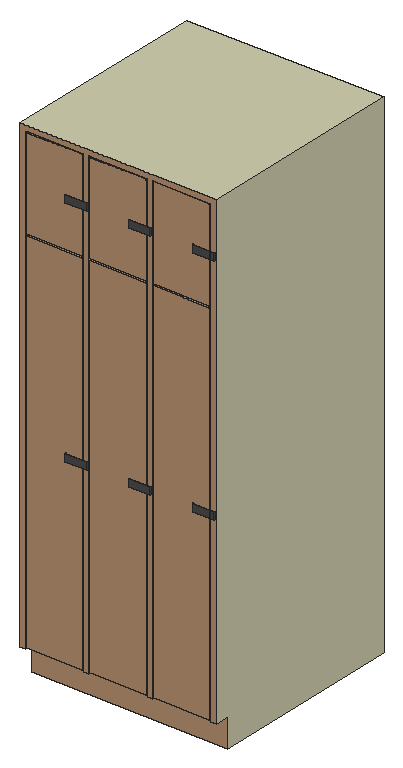
Revit family "Cabinet_Wenger_UltraStor_29", category Furniture, Revit 2015
Parameters (values of type "UltraStor Cabinet #29 - Comp Wood Doors")
  URL = "https://www.wengercorp.com/"
  Type Comments = ""
  Specification = "http://www.arcat.com/sdspecs/htm04/12_35_83wen.htm"
  Shelf Thickness = 0' - 1 1/8"
  Sales Information = "https://www.wengercorp.com/contact-us.php"
  Revision = "R1_2018-04"
  Rear Panel Thickness = 0' - 0 3/4"
  Product Data = "http://www.arcat.com/arcatcos/cos36/arc36487.html"
  Manufacturer Website = "https://www.wengercorp.com/"
  Manufacturer Phone - Toll Free = "800-4WENGER"
  Manufacturer Phone = "(507) 455-4100"
  Manufacturer Fax = "(507) 455-4258"
  Manufacturer Address = "555 Park Dr., Owatonna, MN 55060"
  Lower Door Style = Door_FullHt : Solid Door
  Keynote = "12 35 83"
  HasDoors = yes
  Green Building-LEED = "http://www.arcat.com/green/clients/leed_data_36487.html"
  Drawn By = "Sumex Design, Inc. / Robert S. Weygant, CSI, CDT, SCIP"
  Door Width = (Cabinet Width - 0' 3") / 3  # 0' - 8.16667"
  Door Style = Door_Base : Solid Door
  Door Material [instance] = Wenger Cherry (Use Cherry Edge Band Only)
  Door Height = (Cabinet Height - 0' 4 3/4") / 5  # 1' - 1"
  Toe Kick Material [instance] = Wenger Cherry (Use Cherry Edge Band Only)
  RH End Panel [instance] = no
  Model = "#29"
  Manufacturer = "Wenger Corporation"
  LH End Panel [instance] = no
  End Panel Material [instance] = Wenger Cherry (Use Cherry Edge Band Only)
  Edge Banding Material [instance] = Wenger Cherry (Use Cherry Edge Band Only)
  Cost = 0
  Copyright = "© 2018 Arcat Inc."
  Construction Details = "http://www.arcat.com/details/wengerco/wengerco.html?coid=36487"
  Body Material [instance] = Wenger - Oyster
  Description = "Wenger UltraStor Cabinet #29 - Comp Wood Doors"
  Cabinet Width = 2' - 3 1/2"
  Cabinet Height = 5' - 9 3/4"
  Installed Depth = 2' - 5 1/4"
  Cabinet Panel Thickness = 0' - 0 3/4"
  Assembly Code = "E2010200"
Types (7): name | Rear Panel Thickness | Lower Door Style | HasDoors | Door Style | Door Material | Model | Description | Installed Depth
  Acoustic Cabinet #29 - No Doors | 0' - 3 1/4" | Door_FullHt : Solid Door | no | Door_Base : Solid Door | none | "#29A" | "Wenger Acoustic Cabinet #29 - No Doors" | 2' - 7 3/4"
  Acoustic Cabinet #29 - Comp Grille Doors | 0' - 3 1/4" | Door_FullHt : Bars | yes | Door_Base : Bars | Painted Black | "#29A" | "Wenger Acoustic Cabinet #29 - Comp Grille Doors" | 2' - 7 3/4"
  Acoustic Cabinet #29 - Comp Waterfall Grille Doors | 0' - 3 1/4" | Door_FullHt : Waterfall | yes | Door_Base : Waterfall | Painted Black | "#29A" | "Wenger Acoustic Cabinet #29 - Comp Waterfall Grille Doors" | 2' - 7 3/4"
  UltraStor Cabinet #29 - Comp Grille Doors | 0' - 0 3/4" | Door_FullHt : Bars | yes | Door_Base : Bars | Painted Black | "#29" | "Wenger UltraStor Cabinet #29 - Comp Grille Doors" | 2' - 5 1/4"
  UltraStor Cabinet #29 - Comp Wood Doors | 0' - 0 3/4" | Door_FullHt : Solid Door | yes | Door_Base : Solid Door | Wenger Cherry (Use Cherry Edge Band Only) | "#29" | "Wenger UltraStor Cabinet #29 - Comp Wood Doors" | 2' - 5 1/4"
  UltraStor Cabinet #29 - No Doors | 0' - 0 3/4" | Door_FullHt : Solid Door | no | Door_Base : Solid Door | none | "#29" | "Wenger UltraStor Cabinet #29 - No Doors" | 2' - 5 1/4"
  UltraStor Cabinet #29 - Comp Waterfall Grille Doors | 0' - 0 3/4" | Door_FullHt : Waterfall | yes | Door_Base : Waterfall | Painted Black | "#29" | "Wenger UltraStor Cabinet #29 - Comp Waterfall Grille Doors" | 2' - 5 1/4"
Reference planes (in)
  plane 1 "Front": y = 0
  plane 2: z = 0
  plane 3 "Left": x = 0
  plane 4 "Right": x = 27.5
  plane 5 "Back": y = 29.25
  plane 6 "Top": z = 69.75
  plane 7: z = 4
  plane 8: z = 17
  plane 9: z = 30
  plane 10: z = 43
  plane 11: z = 56
  plane 12: x = 0.75
  plane 13: x = 26.75
  plane 14: z = 69
  plane 15: x = 8.91667
  plane 16: x = 9.66667
  plane 17: x = 17.83333
  plane 18: x = 18.58333
  plane 19: y = 28.5
  plane 20: y = 2
  plane 21: y = 0.75
  plane 22: z = 18.125
  plane 23: z = 31.125
  plane 24: z = 44.125
  plane 25: z = 57.125
  plane 26: z = 5.125
Forms (in)
  Extrusion 1, solid, material "Wenger - Oyster" <- "Body Material"
    sketch origin (0, 0, 0) x (0, 1, 0) y (0, 0, 1)
      loop
        line (0, 69.75) -> (0, 4) -> (2, 4) -> (2, 0) -> (29.25, 0) -> (29.25, 69.75) -> (0, 69.75)
    from 0 to 27.5
  Extrusion 2, void
    sketch origin (0, 0, 0) x (0, 1, 0) y (0, 0, 1)
      loop
        line (0, 69) -> (0, 4) -> (0.75, 4)
        arc (0.75, 4) -> (1.15915, 4.80234) -> (2, 5.125) r 1.25694
        line (2, 5.125) -> (28.5, 5.125) -> (28.5, 56) -> (0.75, 56)
        arc (0.75, 56) -> (1.18296, 56.77588) -> (2, 57.125) r 1.375
        line (2, 57.125) -> (28.5, 57.125) -> (28.5, 69) -> (0, 69)
    from 0.75 to 8.91667
  Extrusion 3, void
    sketch origin (0, 0, 0) x (0, 1, 0) y (0, 0, 1)
      loop
        line (0, 69) -> (0, 4) -> (0.75, 4)
        arc (0.75, 4) -> (1.15915, 4.80234) -> (2, 5.125) r 1.25694
        line (2, 5.125) -> (28.5, 5.125) -> (28.5, 56) -> (0.75, 56)
        arc (0.75, 56) -> (1.18296, 56.77588) -> (2, 57.125) r 1.375
        line (2, 57.125) -> (28.5, 57.125) -> (28.5, 69) -> (0, 69)
    from 9.66667 to 17.83333
  Extrusion 4, void
    sketch origin (0, 0, 0) x (0, 1, 0) y (0, 0, 1)
      loop
        line (0, 69) -> (0, 4) -> (0.75, 4)
        arc (0.75, 4) -> (1.15915, 4.80234) -> (2, 5.125) r 1.25694
        line (2, 5.125) -> (28.5, 5.125) -> (28.5, 56) -> (0.75, 56)
        arc (0.75, 56) -> (1.18296, 56.77588) -> (2, 57.125) r 1.375
        line (2, 57.125) -> (28.5, 57.125) -> (28.5, 69) -> (0, 69)
    from 18.58333 to 26.75
Cuts and joins
  Extrusion 2, Extrusion 3, Extrusion 4 cuts Extrusion 1
Lines and regions (in)
  Masking region 1
    outline origin (0, 0, 0) x (1, 0, 0) y (0, 1, 0)
      loop
        line (0, 29.25) -> (0, 0) -> (27.5, 0) -> (27.5, 29.25) -> (0, 29.25)
Dimensions and locks (in)
  "Cabinet Panel Thickness": plane 3 "Left" to plane 12
  "Cabinet Panel Thickness": plane 13 to plane 4 "Right"
  "Cabinet Panel Thickness": plane 5 "Back" to plane 19
  locked: plane 1 "Front" to plane 21 at 0.75
  locked: plane 1 "Front" to plane 20 at 2
  "Shelf Thickness": plane 22 to plane 8
  "Shelf Thickness": plane 23 to plane 9
  "Shelf Thickness": plane 24 to plane 10
  "Shelf Thickness": plane 25 to plane 11
  "Cabinet Panel Thickness": plane 6 "Top" to plane 14
  equal spacing: plane 14, plane 11, plane 10, plane 9, plane 8, plane 7
  "Shelf Thickness": plane 26 to plane 7
  "Cabinet Width": plane 3 "Left" to plane 4 "Right"
  locked: plane 7 to level at 4
  "Cabinet Height": plane 6 "Top" to level
  "Installed Depth": plane 1 "Front" to plane 5 "Back"
  "Door Width": plane 15 to plane 12
  "Door Width": plane 17 to plane 16
  "Door Width": plane 13 to plane 18
  plane 3 "Left" to plane 4 "Right" = 2' - 3 1/2"
  locked: plane 18 to plane 17 at 0.75
  equal spacing: plane 16, nested 2, plane 17
  equal spacing: plane 5 "Back", nested 2, plane 1 "Front"
  aligned and locked: Extrusion 1 sketch curve to plane 6 "Top"
  aligned and locked: Extrusion 1 sketch curve to plane 5 "Back"
  aligned and locked: Extrusion 1 sketch curve to plane 1 "Front"
  aligned and locked: Extrusion 1 sketch curve to plane 7
  aligned and locked: Extrusion 1 sketch curve to plane 20
  aligned and locked: Extrusion 1 sketch curve to level
  aligned and locked: Extrusion 1 to plane 4 "Right"
  aligned and locked: Extrusion 1 to plane 3 "Left"
  aligned and locked: Extrusion 2 sketch curve to plane 14
  aligned and locked: Extrusion 2 sketch curve to plane 19
  aligned and locked: Extrusion 2 sketch curve to plane 25
  aligned and locked: Extrusion 2 to plane 12
  aligned and locked: plane 15 to Extrusion 2
  aligned and locked: plane 17 to Extrusion 3
  aligned and locked: Extrusion 3 to plane 16
  aligned and locked: Extrusion 4 to plane 13
  aligned and locked: Extrusion 4 to plane 18
  aligned and locked: nested 3 to plane 12
  aligned and locked: plane 15 to nested 3
  aligned and locked: nested 3 to plane 11
  aligned and locked: plane 14 to nested 3
  aligned and locked: plane 14 to nested 4
  aligned and locked: nested 4 to plane 11
  aligned and locked: nested 4 to plane 16
  aligned and locked: plane 17 to nested 4
  aligned and locked: cut or joined group of Extrusion 1, Extrusion 2, Extrusion 3, Extrusion 4 to plane 18
  aligned and locked: cut or joined group of Extrusion 1, Extrusion 2, Extrusion 3, Extrusion 4 to plane 13
  aligned and locked: plane 14 to nested 5
  aligned and locked: nested 5 to plane 11
  aligned and locked: nested 5 to plane 13
  aligned and locked: nested 5 to plane 18
  aligned and locked: plane 17 to cut or joined group of Extrusion 1, Extrusion 2, Extrusion 3, Extrusion 4
  aligned and locked: plane 7 to cut or joined group of Extrusion 1, Extrusion 2, Extrusion 3, Extrusion 4
  aligned and locked: nested 6 to plane 7
  aligned and locked: plane 1 "Front" to nested 7
  aligned and locked: nested 7 to level
  aligned and locked: nested 7 to plane 4 "Right"
  aligned and locked: Masking region 1 sketch curve to plane 5 "Back"
  aligned and locked: Masking region 1 sketch curve to plane 1 "Front"
  aligned and locked: plane 3 "Left" to Masking region 1 sketch curve
  aligned and locked: plane 4 "Right" to Masking region 1 sketch curve
  aligned and locked: plane 11 to nested 6
  aligned and locked: nested 6 to plane 12
  aligned and locked: Extrusion 2 sketch curve to plane 7
  aligned and locked: plane 21 to Extrusion 2 sketch curve
  aligned and locked: plane 20 to Extrusion 2 sketch curve
  aligned and locked: Extrusion 2 sketch curve to plane 26
  aligned and locked: plane 19 to Extrusion 2 sketch curve
  aligned and locked: plane 11 to Extrusion 2 sketch curve
  aligned and locked: plane 1 "Front" to Extrusion 2 sketch curve
  aligned and locked: Extrusion 3 sketch curve to plane 7
  aligned and locked: Extrusion 3 sketch curve to plane 26
  aligned and locked: plane 20 to Extrusion 3 sketch curve  (x2)
  aligned and locked: plane 19 to Extrusion 3 sketch curve  (x2)
  aligned and locked: plane 1 "Front" to Extrusion 3 sketch curve
  aligned and locked: plane 11 to Extrusion 3 sketch curve
  aligned and locked: plane 25 to Extrusion 3 sketch curve
  aligned and locked: plane 14 to Extrusion 3 sketch curve
  aligned and locked: plane 21 to Extrusion 3 sketch curve  (x2)
  aligned and locked: plane 1 "Front" to Extrusion 4 sketch curve
  aligned and locked: plane 25 to Extrusion 4 sketch curve
  aligned and locked: plane 19 to Extrusion 4 sketch curve  (x2)
  aligned and locked: plane 14 to Extrusion 4 sketch curve
  aligned and locked: Extrusion 4 sketch curve to plane 26
  aligned and locked: Extrusion 4 sketch curve to plane 7
  aligned and locked: plane 15 to nested 6
  aligned and locked: nested 8 to plane 7
  aligned and locked: nested 9 to plane 7
  aligned and locked: nested 8 to plane 16
  aligned and locked: plane 17 to nested 8
  aligned and locked: nested 9 to plane 18
  aligned and locked: nested 9 to plane 13
  aligned and locked: plane 11 to nested 9
  aligned and locked: plane 11 to nested 8
Automatic sketch dimensions
  Extrusion 2 sketch curve to plane 21 = 0' - 0"
  Extrusion 2 sketch curve to plane 20 = 0' - 0"
  Extrusion 2 sketch curve to plane 20 = 0' - 0.10279"
  Extrusion 3 sketch curve to plane 20 = 0' - 0.10279"
  Extrusion 4 sketch curve to plane 21 = 0' - 0"  (x2)
  Extrusion 4 sketch curve to plane 11 = 0' - 0"
  Extrusion 4 sketch curve to plane 20 = 0' - 0"  (x2)
  Extrusion 4 sketch curve to plane 20 = 0' - 0.10279"
Nested families (in)
  nested 1: "End Panel" at (0, 14.25, 0) x (0, -1, 0) z (0, 0, 1), End Panel Material <- "End Panel Material", visible <- "LH End Panel", Edge Banding Material <- "Edge Banding Material", type "End Panel"
    with End Panel Material Wenger Cherry (Use Cherry Edge Band Only), Edge Banding Material Wenger Cherry (Use Cherry Edge Band Only), End Panel Height 5' - 9 3/4", End Panel Depth 2' - 5 1/4"
  nested 2: "Labels" at (13.75, 14.625, 0), type "Labels"
  nested 3: "Door_Base" at (4.83333, 0, 56) x (1, 0, 0) z (0, -1, 0), type <- "Door Style", Height <- "Door Height", Width <- "Door Width", visible <- "HasDoors", type "Solid Door", detail levels medium+fine
    with vBars 6, Width 0' - 8.16667", ToeKick Height 0' - 4", MidBar no, Height 1' - 1", BarHt 1' - 0 1/2", 2HzBars no
  nested 4: "Door_Base" at (13.75, 0, 56) x (1, 0, 0) z (0, -1, 0), type <- "Door Style", Height <- "Door Height", Width <- "Door Width", visible <- "HasDoors", type "Solid Door", detail levels medium+fine
    with vBars 6, Width 0' - 8.16667", ToeKick Height 0' - 4", MidBar no, Height 1' - 1", BarHt 1' - 0 1/2", 2HzBars no
  nested 5: "Door_Base" at (22.66667, 0, 56) x (1, 0, 0) z (0, -1, 0), type <- "Door Style", Height <- "Door Height", Width <- "Door Width", visible <- "HasDoors", type "Solid Door", detail levels medium+fine
    with vBars 6, Width 0' - 8.16667", ToeKick Height 0' - 4", MidBar no, Height 1' - 1", BarHt 1' - 0 1/2", 2HzBars no
  nested 6: "Door_FullHt" at (4.83333, 0, 4) x (1, 0, 0) z (0, -1, 0), type <- "Lower Door Style", visible <- "HasDoors", type "Solid Door", detail levels medium+fine
    with vBars 6, Width 0' - 8.16667", ToeKick Height 0' - 4", MidBar no, Height 4' - 4", HalfHt 2' - 1 3/4", BarHt 4' - 3 1/2", 2HzBars no
  nested 7: "End Panel" at (28.25, 14.25, 0) x (0, -1, 0) z (0, 0, 1), End Panel Material <- "End Panel Material", Edge Banding Material <- "Edge Banding Material", visible <- "RH End Panel", type "End Panel"
    with End Panel Material Wenger Cherry (Use Cherry Edge Band Only), Edge Banding Material Wenger Cherry (Use Cherry Edge Band Only), End Panel Height 5' - 9 3/4", End Panel Depth 2' - 5 1/4"
  nested 8: "Door_FullHt" at (13.75, 0, 4) x (1, 0, 0) z (0, -1, 0), type <- "Lower Door Style", visible <- "HasDoors", type "Solid Door", detail levels medium+fine
    with vBars 6, Width 0' - 8.16667", ToeKick Height 0' - 4", MidBar no, Height 4' - 4", HalfHt 2' - 1 3/4", BarHt 4' - 3 1/2", 2HzBars no
  nested 9: "Door_FullHt" at (22.66667, 0, 4) x (1, 0, 0) z (0, -1, 0), type <- "Lower Door Style", visible <- "HasDoors", type "Solid Door", detail levels medium+fine
    with vBars 6, Width 0' - 8.16667", ToeKick Height 0' - 4", MidBar no, Height 4' - 4", HalfHt 2' - 1 3/4", BarHt 4' - 3 1/2", 2HzBars no
Definition of nested family "End Panel"
  Parameters (values of type "End Panel")
    End Panel Material [instance] = none
    End Panel Height = 7' - 1 5/8"
    End Panel Depth = 1' - 9 3/4"
    Edge Banding Material [instance] = none
    Default Elevation = 4' - 0"
    Assembly Code = ""
  Reference planes (in)
    plane 1 "Center (Front/Back)": y = 0
    plane 2: z = 0
    plane 3 "Center (Left/Right)": x = 0
    plane 4: x = -15
    plane 5: x = 6.75
    plane 6: z = 4
    plane 7: x = 4.75
    plane 8: z = 85.625
    plane 9: y = -0.75
  Forms (in)
    Extrusion 1, solid, material <- "End Panel Material"
      sketch origin (0, 0, 0) x (1, 0, 0) y (0, 0, 1)
        loop
          line (-15, 85.625) -> (-15, 0) -> (4.75, 0) -> (4.75, 4) -> (6.75, 4) -> (6.75, 85.625) -> (-15, 85.625)
      from 0 to 0.75
  Lines and regions (in)
    Masking region 1, detail levels coarse+medium
      outline origin (0, 0, 0) x (1, 0, 0) y (0, 1, 0)
        loop
          line (-15, 0) -> (-15, -0.75) -> (6.75, -0.75) -> (6.75, 0) -> (-15, 0)
  Dimensions and locks (in)
    locked: plane 7 to plane 5 at 2
    locked: plane 6 to level at 4
    "End Panel Height": plane 8 to level
    "End Panel Depth": plane 5 to plane 4
    locked: plane 9 to plane 1 "Center (Front/Back)" at 0.75
    aligned and locked: plane 4 to Extrusion 1 sketch curve
    aligned and locked: level to Extrusion 1 sketch curve
    aligned and locked: plane 7 to Extrusion 1 sketch curve
    aligned and locked: plane 6 to Extrusion 1 sketch curve
    aligned and locked: Extrusion 1 sketch curve to plane 5
    aligned and locked: Extrusion 1 sketch curve to plane 8
    aligned and locked: Extrusion 1 to plane 9
    aligned and locked: Extrusion 1 to plane 1 "Center (Front/Back)"
    aligned and locked: plane 4 to Masking region 1 sketch curve
    aligned and locked: Masking region 1 sketch curve to plane 5
    aligned and locked: plane 1 "Center (Front/Back)" to Masking region 1 sketch curve
    aligned and locked: plane 9 to Masking region 1 sketch curve
Definition of nested family "Door_Base"
  Parameters (values of type "None")
    vBars [instance] = (Width - 0' 2") / 0' 1"  # 6
    Width [instance] = 0' - 8"
    ToeKick Height [instance] = 0' - 4"
    Thickness = 0' - 0 3/4"
    Solid Door = no
    Shelf Thickness = 0' - 0 3/4"
    Panel Thickness = 0' - 0 3/4"
    MidBar [instance] = and(Height < 1' 6", HasDoor, not(Solid Door))  # no
    Height [instance] = 1' - 2 5/8"
    HasDoor = no
    Edge Banding = none
    DoorGap = 0' - 0 1/8"
    Door Finish = none
    Depth = 2' - 0"
    Default Elevation = 4' - 0"
    Bars = no
    BarStyle = Bars : Waterfall
    BarHt [instance] = Height - 0' 0 1/2"  # 1' - 2 1/8"
    2HzBars [instance] = and(Height > 1' 6", not(Solid Door))  # no
  Types (4): name | Thickness | Solid Door | MidBar | HasDoor | Bars | BarStyle
    Solid Door | 0' - 0 3/4" | yes | no | yes | no | Bars : Waterfall
    Bars | 0' - 0 1/4" | no | yes | yes | yes | Bars : Straight
    Waterfall | 0' - 0 3/4" | no | yes | yes | yes | Bars : Waterfall
    None | 0' - 0 3/4" | no | no | no | no | Bars : Waterfall
  Reference planes (in)
    plane 1 "Center (Front/Back)": y = 0
    plane 2: z = 0
    plane 3 "Center (Left/Right)": x = 0
    plane 4: x = -4
    plane 5: y = 14.625
    plane 6: x = 4
    plane 7: z = -0.75
    plane 8: x = -3.875
    plane 9: x = 3.875
    plane 10: y = 0.125
    plane 11: y = 14.5
    plane 12: y = -0.75
    plane 13 "CL Elev": y = 7.3125
    plane 14: x = -3.75
    plane 15: x = 3.75
    plane 16 "BtmRail": y = 0.25
    plane 17: y = 14.375
    plane 18: z = -0.125
    plane 19: x = -2.75
    plane 20: x = 2.75
    plane 21: y = 9.66667
    plane 22: y = 4.95833
  Forms (in)
    Extrusion 1, solid, material <- "Door Finish", visible <- "Solid Door", detail levels medium+fine
      sketch origin (0, 0, 0) x (1, 0, 0) y (0, 1, 0)
        loop
          arc (-3.75, 14.5) -> (-3.83839, 14.46339) -> (-3.875, 14.375) r 0.125
          line (-3.875, 14.375) -> (-3.875, 0.25)
          arc (-3.875, 0.25) -> (-3.83839, 0.16161) -> (-3.75, 0.125) r 0.125
          line (-3.75, 0.125) -> (3.75, 0.125)
          arc (3.75, 0.125) -> (3.83839, 0.16161) -> (3.875, 0.25) r 0.125
          line (3.875, 0.25) -> (3.875, 14.375)
          arc (3.875, 14.375) -> (3.83839, 14.46339) -> (3.75, 14.5) r 0.125
          line (3.75, 14.5) -> (-3.75, 14.5)
      from 0 to -0.75
    Sweep 2, solid, material <- "Door Finish", visible <- "Bars", detail levels medium+fine
      path origin (0, 0, 0) x (1, 0, 0) y (0, 1, 0)
        loop
          arc (-3.125, 14.5) -> (-3.65533, 14.28033) -> (-3.875, 13.75) r 0.75
          line (-3.875, 13.75) -> (-3.875, 0.875)
          arc (-3.875, 0.875) -> (-3.65533, 0.34467) -> (-3.125, 0.125) r 0.75
          line (-3.125, 0.125) -> (3.125, 0.125)
          arc (3.125, 0.125) -> (3.65533, 0.34467) -> (3.875, 0.875) r 0.75
          line (3.875, 0.875) -> (3.875, 13.75)
          arc (3.875, 13.75) -> (3.65533, 14.28033) -> (3.125, 14.5) r 0.75
          line (3.125, 14.5) -> (-3.125, 14.5)
      profile origin (0, 14.5, 0) x (0, 1, 0) y (0, 0, 1)
        loop
          circle (-0.125, -0.125) r 0.125
    Extrusion 3, solid, material <- "Door Finish", visible <- "MidBar", detail levels medium+fine
      sketch origin (0, 0, 0) x (0, 1, 0) y (0, 0, 1)
        loop
          circle (7.3125, -0.125) r 0.125
      from -3.75 to 3.75
    Extrusion 4, solid, visible <- "HasDoor", detail levels fine
      sketch origin (0, 0, 0) x (1, 0, 0) y (0, 1, 0)
        loop
          line (1.5, 7.8125) -> (1.5, 6.8125) -> (4.5, 6.8125) -> (4.5, 7.8125) -> (1.5, 7.8125)
      from 0 to 0.125
    Extrusion 5, solid, material <- "Door Finish", visible <- "2HzBars", detail levels medium+fine
      sketch origin (0, 0, 0) x (0, 1, 0) y (0, 0, 1)
        loop
          circle (9.66667, -0.125) r 0.125
        loop
          circle (4.95833, -0.125) r 0.125
      from -3.75 to 3.75
  Lines and regions (in)
    symbolic lines, visible <- "HasDoor", detail levels medium+fine
      curve 1: line (4, 0.25, 0) -> (-4, 0.25, 0)
      curve 2: line (-4, 0.25, 0) -> (-4, 0.25, 8)
      curve 3: arc (4, 0.25, 0) -> (1.65685, 0.25, 5.65685) -> (-4, 0.25, 8) r 8
    symbolic lines, visible <- "HasDoor"
      curve 4: line (3.875, 0.25, 0) -> (3.875, 0.25, -0.75)
      curve 5: line (3.875, 0.25, -0.75) -> (-3.875, 0.25, -0.75)
      curve 6: line (-3.875, 0.25, -0.75) -> (-3.875, 0.25, 0)
    symbolic lines, detail levels medium
      curve 7: line (3.875, 14.5, 0) -> (-3.875, 7.3125, 0)
      curve 8: line (-3.875, 7.3125, 0) -> (3.875, 0.125, 0)
  Dimensions and locks (in)
    "Height": plane 1 "Center (Front/Back)" to plane 5
    "Thickness": level to plane 7
    equal spacing: plane 4, plane 3 "Center (Left/Right)", plane 6
    "Width": plane 4 to plane 6
    "DoorGap": plane 5 to plane 11
    "DoorGap": plane 9 to plane 6
    "DoorGap": plane 4 to plane 8
    "DoorGap": plane 1 "Center (Front/Back)" to plane 10
    "Shelf Thickness": plane 1 "Center (Front/Back)" to plane 12
    equal spacing: plane 1 "Center (Front/Back)", plane 13 "CL Elev", plane 5
    locked: plane 15 to plane 9 at 0.125
    locked: plane 8 to plane 14 at 0.125
    locked: plane 11 to plane 17 at 0.125
    locked: plane 16 "BtmRail" to plane 10 at 0.125
    locked: level to plane 18 at 0.125
    plane 19 to plane 14 = 0' - 1"
    locked: plane 15 to plane 20 at 1
    Extrusion 4 sketch curve to plane 13 "CL Elev" to Extrusion 4 sketch curve = 0' - 0 1/2" locked, 0' - 0 1/2" locked
    locked: plane 6 to Extrusion 4 sketch curve at 0.5
    locked: Extrusion 4 sketch curve to plane 6 at 2.5
    locked: Extrusion 4 to level at 0.125
    equal spacing: group 1, group 3, group 4, group 5, group 6, group 2  (x3)
    equal spacing: plane 17, plane 21, plane 22, plane 16 "BtmRail"
    "Width": radius of curve 3
    aligned and locked: plane 2 to level
    aligned and locked: Extrusion 1 sketch curve to plane 11
    aligned and locked: plane 8 to Extrusion 1 sketch curve
    aligned and locked: Extrusion 1 sketch curve to plane 9
    aligned and locked: plane 10 to Extrusion 1 sketch curve
    aligned and locked: Extrusion 1 to plane 7
    aligned and locked: level to Extrusion 1
    aligned and locked: Sweep 2 sketch curve to plane 11
    aligned and locked: plane 8 to Sweep 2 sketch curve
    aligned and locked: plane 10 to Sweep 2 sketch curve
    aligned and locked: Sweep 2 sketch curve to plane 9
    aligned and locked: plane 15 to Extrusion 3
    aligned and locked: Extrusion 3 to plane 14
    aligned and locked: plane 20 to nested 2
    aligned and locked: plane 19 to nested 1
    aligned and locked: plane 21 to Extrusion 5 sketch curve
    aligned and locked: plane 18 to Extrusion 5 sketch curve  (x2)
    aligned and locked: plane 22 to Extrusion 5 sketch curve
    aligned and locked: Extrusion 5 to Extrusion 3  (x2)
    aligned and locked: plane 4 to curve 3  (x2)
    aligned and locked: level to curve 3
    aligned and locked: plane 7 to curve 5
    aligned and locked: Extrusion 1 to plane 8
    aligned and locked: plane 9 to Extrusion 1
    aligned and locked: plane 10 to curve 8
    aligned and locked: plane 9 to curve 8
    aligned and locked: plane 13 "CL Elev" to curve 8
    aligned and locked: plane 11 to curve 7
    aligned and locked: plane 9 to curve 7
  Automatic sketch dimensions
    plane 8 to Sweep 2 sketch curve = 0' - 0 3/4"  (x2)
    Sweep 2 sketch curve to plane 9 = 0' - 0 3/4"
    Sweep 2 sketch curve to Sweep 2 sketch curve = 0' - 0 3/4"
    Sweep 2 sketch curve to level = 0' - 0 1/8"
    profile plane to Sweep 2 sketch curve = 0' - 0 1/8"
    Extrusion 3 sketch curve to level = 0' - 0 1/8"
    Extrusion 3 sketch curve to plane 13 "CL Elev" = 0' - 0"
    curve 8 to plane 8 = 0' - 0"
    Extrusion 1 sketch curve to plane 14 = 0' - 0"  (x2)
    Extrusion 1 sketch curve to plane 15 = 0' - 0"  (x2)
    curve 5 to plane 9 = 0' - 0"
    curve 6 to plane 8 = 0' - 0"
    radius of Sweep 2 sketch curve = 0' - 0 1/8"
    radius of Extrusion 3 sketch curve = 0' - 0 1/8"
    radius of Extrusion 5 sketch curve = 0' - 0 1/8"  (x2)
  Nested families (in)
    nested 1: "Bars" at (-2.75, 0.25, -0.125) x (1, 0, 0) z (0, 1, 0), type <- "BarStyle", visible <- "Bars", type "Waterfall", detail levels fine
      with Lateral Deviation 0' - 1", Height 1' - 2 1/8"
    nested 2: "Bars" at (2.75, 0.25, -0.125) x (1, 0, 0) z (0, 1, 0), type <- "BarStyle", visible <- "Bars", type "Waterfall", detail levels fine
      with Lateral Deviation 0' - 1", Height 1' - 2 1/8"
    nested 3: "Bars" at (-1.65, 0.25, -0.125) x (1, 0, 0) z (0, 1, 0), type <- "BarStyle", visible <- "Bars", type "Waterfall", detail levels fine
      with Lateral Deviation 0' - 1", Height 1' - 2 1/8"
    nested 4: "Bars" at (-0.55, 0.25, -0.125) x (1, 0, 0) z (0, 1, 0), type <- "BarStyle", visible <- "Bars", type "Waterfall", detail levels fine
      with Lateral Deviation 0' - 1", Height 1' - 2 1/8"
    nested 5: "Bars" at (0.55, 0.25, -0.125) x (1, 0, 0) z (0, 1, 0), type <- "BarStyle", visible <- "Bars", type "Waterfall", detail levels fine
      with Lateral Deviation 0' - 1", Height 1' - 2 1/8"
    nested 6: "Bars" at (1.65, 0.25, -0.125) x (1, 0, 0) z (0, 1, 0), type <- "BarStyle", visible <- "Bars", type "Waterfall", detail levels fine
      with Lateral Deviation 0' - 1", Height 1' - 2 1/8"
  Definition of nested family "Bars"
    Parameters (values of type "Straight")
      WaterFall = no
      Straight = yes
      Lateral Deviation = 0' - 1 1/2"
      Height = 1' - 2 5/8"
      Default Elevation = 4' - 0"
      Bars = none
    Types (3): name | WaterFall | Straight
      (no name) | no | yes
      Waterfall | yes | no
      Straight | no | yes
    Reference planes (in)
      plane 1 "Center (Front/Back)": y = 0
      plane 2: z = 0
      plane 3 "Center (Left/Right)": x = 0
      plane 4: z = 14.625
      plane 5: z = 7.3125
      plane 6: x = 0.75
      plane 7: x = -0.75
      plane 8: z = 10.96875
      plane 9: z = 3.65625
    Forms (in)
      Sweep 1, solid, material <- "Bars", visible <- "WaterFall"
        path origin (0, 0, 0) x (1, 0, 0) y (0, 0, 1)
          loop
            arc (0, 0) -> (0.56057, 1.79006) -> (0.75, 3.65625) r 9.28711
            arc (0.75, 3.65625) -> (0.56057, 5.52244) -> (0, 7.3125) r 9.28711
        profile origin (0.56057, 0, 1.79006) x (-0.979603, 0, 0.200944) y (0, -1, 0)
          loop
            circle (0, 0) r 0.0625
      Sweep 2, solid, material <- "Bars", visible <- "WaterFall"
        path origin (0, 0, 14.625) x (-1, 0, 0) y (0, 0, -1)
          loop
            arc (0, 0) -> (0.56057, 1.79006) -> (0.75, 3.65625) r 9.28711
            arc (0.75, 3.65625) -> (0.56057, 5.52244) -> (0, 7.3125) r 9.28711
        profile origin (-0.56057, 0, 12.83494) x (0.979603, 0, -0.200944) y (0, -1, 0)
          loop
            circle (0, 0) r 0.0625
      Extrusion 3, solid, material <- "Bars", visible <- "Straight"
        sketch origin (0, 0, 0) x (1, 0, 0) y (0, 1, 0)
          loop
            circle (0, 0) r 0.0625
        from 0 to 14.625
    Dimensions and locks (in)
      "Height": plane 4 to level
      equal spacing: plane 6, plane 3 "Center (Left/Right)", plane 7
      "Lateral Deviation": plane 6 to plane 7
      equal spacing: plane 4, plane 8, plane 5, plane 9, level
      aligned and locked: plane 2 to level
      aligned and locked: plane 3 "Center (Left/Right)" to Sweep 1 sketch curve  (x2)
      aligned and locked: level to Sweep 1 sketch curve
      aligned and locked: plane 6 to Sweep 1 sketch curve
      aligned and locked: plane 9 to Sweep 1 sketch curve
      aligned and locked: plane 4 to Sweep 2 sketch curve
      aligned and locked: plane 3 "Center (Left/Right)" to Sweep 2 sketch curve  (x2)
      aligned and locked: plane 8 to Sweep 2 sketch curve
      aligned and locked: plane 7 to Sweep 2 sketch curve
      aligned and locked: plane 5 to Sweep 2 sketch curve
      aligned and locked: plane 4 to Extrusion 3
      aligned and locked: Extrusion 3 to level
    Automatic sketch dimensions
      plane 1 "Center (Front/Back)" to Sweep 1 sketch curve = 0' - 0"
      Sweep 1 sketch curve to profile plane = 0' - 0"
      Sweep 1 sketch curve to Sweep 1 sketch curve = 0' - 0"
      Sweep 2 sketch curve to plane 1 "Center (Front/Back)" = 0' - 0"
      Sweep 2 sketch curve to profile plane = 0' - 0"
      plane 1 "Center (Front/Back)" to Extrusion 3 sketch curve = 0' - 0"
      Extrusion 3 sketch curve to plane 3 "Center (Left/Right)" = 0' - 0"
      radius of Sweep 1 sketch curve = 0' - 0 1/16"
      radius of Sweep 2 sketch curve = 0' - 0 1/16"
      radius of Extrusion 3 sketch curve = 0' - 0 1/16"
Definition of nested family "Door_FullHt"
  Parameters (values of type "Waterfall")
    vBars [instance] = (Width - 0' 2") / 0' 1"  # 6
    Width [instance] = 0' - 8"
    ToeKick Height [instance] = 0' - 4"
    Thickness = 0' - 0 3/4"
    Solid Door = no
    Shelf Thickness = 0' - 0 3/4"
    Panel Thickness = 0' - 0 3/4"
    MidBar [instance] = and(Height > 3' 6", HasDoor, not(Solid Door))  # no
    Height [instance] = 1' - 2 5/8"
    HasDoor = yes
    HalfHt [instance] = Height / 2 - 0' 0 1/4"  # 0' - 7 1/16"
    Edge Banding = none
    DoorGap = 0' - 0 1/8"
    Door Finish = none
    Depth = 2' - 0"
    Default Elevation = 4' - 0"
    Bars = yes
    BarStyle = Bars : Waterfall
    BarHt [instance] = Height - 0' 0 1/2"  # 1' - 2 1/8"
    2HzBars [instance] = and(Height > 1' 6", not(Solid Door))  # no
  Types (3): name | Thickness | Solid Door | Bars | BarStyle
    Solid Door | 0' - 0 3/4" | yes | no | Bars : Waterfall
    Bars | 0' - 0 1/4" | no | yes | Bars : Straight
    Waterfall | 0' - 0 3/4" | no | yes | Bars : Waterfall
  Reference planes (in)
    plane 1 "Center (Front/Back)": y = 0
    plane 2: z = 0
    plane 3 "Center (Left/Right)": x = 0
    plane 4: x = -4
    plane 5: y = 14.625
    plane 6: x = 4
    plane 7: z = -0.75
    plane 8: x = -3.875
    plane 9: x = 3.875
    plane 10: y = 0.125
    plane 11: y = 14.5
    plane 12: y = -0.75
    plane 13 "CL Elev": y = 7.3125
    plane 14: x = -3.75
    plane 15: x = 3.75
    plane 16 "BtmRail": y = 0.25
    plane 17: y = 14.375
    plane 18: z = -0.125
    plane 19: x = -2.75
    plane 20: x = 2.75
    plane 21: y = 10.96875
    plane 22: y = 3.65625
  Forms (in)
    Extrusion 1, solid, material <- "Door Finish", visible <- "Solid Door", detail levels medium+fine
      sketch origin (0, 0, 0) x (1, 0, 0) y (0, 1, 0)
        loop
          arc (-3.75, 14.5) -> (-3.83839, 14.46339) -> (-3.875, 14.375) r 0.125
          line (-3.875, 14.375) -> (-3.875, 0.25)
          arc (-3.875, 0.25) -> (-3.83839, 0.16161) -> (-3.75, 0.125) r 0.125
          line (-3.75, 0.125) -> (3.75, 0.125)
          arc (3.75, 0.125) -> (3.83839, 0.16161) -> (3.875, 0.25) r 0.125
          line (3.875, 0.25) -> (3.875, 14.375)
          arc (3.875, 14.375) -> (3.83839, 14.46339) -> (3.75, 14.5) r 0.125
          line (3.75, 14.5) -> (-3.75, 14.5)
      from 0 to -0.75
    Sweep 2, solid, material <- "Door Finish", visible <- "Bars", detail levels medium+fine
      path origin (0, 0, 0) x (1, 0, 0) y (0, 1, 0)
        loop
          arc (-3.125, 14.5) -> (-3.65533, 14.28033) -> (-3.875, 13.75) r 0.75
          line (-3.875, 13.75) -> (-3.875, 0.875)
          arc (-3.875, 0.875) -> (-3.65533, 0.34467) -> (-3.125, 0.125) r 0.75
          line (-3.125, 0.125) -> (3.125, 0.125)
          arc (3.125, 0.125) -> (3.65533, 0.34467) -> (3.875, 0.875) r 0.75
          line (3.875, 0.875) -> (3.875, 13.75)
          arc (3.875, 13.75) -> (3.65533, 14.28033) -> (3.125, 14.5) r 0.75
          line (3.125, 14.5) -> (-3.125, 14.5)
      profile origin (0, 14.5, 0) x (0, 1, 0) y (0, 0, 1)
        loop
          circle (-0.125, -0.125) r 0.125
    Extrusion 3, solid, material <- "Door Finish", visible <- "MidBar", detail levels medium+fine
      sketch origin (0, 0, 0) x (0, 1, 0) y (0, 0, 1)
        loop
          circle (7.3125, -0.125) r 0.125
      from -3.75 to 3.75
    Extrusion 4, solid, visible <- "HasDoor", detail levels fine
      sketch origin (0, 0, 0) x (1, 0, 0) y (0, 1, 0)
        loop
          line (1.5, 7.8125) -> (1.5, 6.8125) -> (4.5, 6.8125) -> (4.5, 7.8125) -> (1.5, 7.8125)
      from 0 to 0.125
    Extrusion 5, solid, material <- "Door Finish", visible <- "2HzBars", detail levels medium+fine
      sketch origin (0, 0, 0) x (0, 1, 0) y (0, 0, 1)
        loop
          circle (10.96875, -0.125) r 0.125
        loop
          circle (3.65625, -0.125) r 0.125
      from -3.75 to 3.75
  Lines and regions (in)
    symbolic lines, visible <- "HasDoor", detail levels medium+fine
      curve 1: line (4, 0.25, 0) -> (-4, 0.25, 0)
      curve 2: line (-4, 0.25, 0) -> (-4, 0.25, 8)
      curve 3: arc (4, 0.25, 0) -> (1.65685, 0.25, 5.65685) -> (-4, 0.25, 8) r 8
    symbolic lines, visible <- "HasDoor"
      curve 4: line (3.875, 0.25, 0) -> (3.875, 0.25, -0.75)
      curve 5: line (3.875, 0.25, -0.75) -> (-3.875, 0.25, -0.75)
      curve 6: line (-3.875, 0.25, -0.75) -> (-3.875, 0.25, 0)
    symbolic lines, detail levels medium
      curve 7: line (3.875, 14.5, 0) -> (-3.875, 7.3125, 0)
      curve 8: line (-3.875, 7.3125, 0) -> (3.875, 0.125, 0)
  Dimensions and locks (in)
    "Height": plane 1 "Center (Front/Back)" to plane 5
    "Thickness": level to plane 7
    equal spacing: plane 4, plane 3 "Center (Left/Right)", plane 6
    "Width": plane 4 to plane 6
    "DoorGap": plane 5 to plane 11
    "DoorGap": plane 9 to plane 6
    "DoorGap": plane 4 to plane 8
    "DoorGap": plane 1 "Center (Front/Back)" to plane 10
    "Shelf Thickness": plane 1 "Center (Front/Back)" to plane 12
    equal spacing: plane 1 "Center (Front/Back)", plane 22, plane 13 "CL Elev", plane 21, plane 5
    locked: plane 15 to plane 9 at 0.125
    locked: plane 8 to plane 14 at 0.125
    locked: plane 11 to plane 17 at 0.125
    locked: plane 16 "BtmRail" to plane 10 at 0.125
    locked: level to plane 18 at 0.125
    plane 19 to plane 14 = 0' - 1"
    locked: plane 15 to plane 20 at 1
    Extrusion 4 sketch curve to plane 13 "CL Elev" to Extrusion 4 sketch curve = 0' - 0 1/2" locked, 0' - 0 1/2" locked
    locked: plane 6 to Extrusion 4 sketch curve at 0.5
    locked: Extrusion 4 sketch curve to plane 6 at 2.5
    locked: Extrusion 4 to level at 0.125
    equal spacing: group 1, group 3, group 4, group 5, group 6, group 2  (x3)
    equal spacing: group 7, group 9, group 10, group 11, group 12, group 8  (x2)
    equal spacing: group 8, group 12, group 11, group 10, group 9, group 7
    "Width": radius of curve 3
    aligned and locked: plane 2 to level
    aligned and locked: Extrusion 1 sketch curve to plane 11
    aligned and locked: plane 8 to Extrusion 1 sketch curve
    aligned and locked: Extrusion 1 sketch curve to plane 9
    aligned and locked: plane 10 to Extrusion 1 sketch curve
    aligned and locked: Extrusion 1 to plane 7
    aligned and locked: level to Extrusion 1
    aligned and locked: Sweep 2 sketch curve to plane 11
    aligned and locked: plane 8 to Sweep 2 sketch curve
    aligned and locked: plane 10 to Sweep 2 sketch curve
    aligned and locked: Sweep 2 sketch curve to plane 9
    aligned and locked: plane 15 to Extrusion 3
    aligned and locked: Extrusion 3 to plane 14
    aligned and locked: plane 20 to nested 2
    aligned and locked: plane 19 to nested 1
    aligned and locked: plane 21 to Extrusion 5 sketch curve
    aligned and locked: plane 18 to Extrusion 5 sketch curve  (x2)
    aligned and locked: plane 22 to Extrusion 5 sketch curve
    aligned and locked: Extrusion 5 to Extrusion 3  (x2)
    aligned and locked: plane 4 to curve 3  (x2)
    aligned and locked: level to curve 3
    aligned and locked: plane 7 to curve 5
    aligned and locked: Extrusion 1 to plane 8
    aligned and locked: plane 9 to Extrusion 1
    aligned and locked: plane 10 to curve 8
    aligned and locked: plane 9 to curve 8
    aligned and locked: plane 13 "CL Elev" to curve 8
    aligned and locked: plane 11 to curve 7
    aligned and locked: plane 9 to curve 7
    aligned and locked: plane 19 to nested 7
    aligned and locked: plane 13 "CL Elev" to nested 7
    aligned and locked: plane 20 to nested 8
    aligned and locked: plane 13 "CL Elev" to nested 8
    aligned and locked: plane 18 to nested 7
    aligned and locked: plane 18 to nested 9
  Automatic sketch dimensions
    plane 8 to Sweep 2 sketch curve = 0' - 0 3/4"  (x2)
    Sweep 2 sketch curve to plane 9 = 0' - 0 3/4"
    Sweep 2 sketch curve to Sweep 2 sketch curve = 0' - 0 3/4"
    Sweep 2 sketch curve to level = 0' - 0 1/8"
    profile plane to Sweep 2 sketch curve = 0' - 0 1/8"
    Extrusion 3 sketch curve to level = 0' - 0 1/8"
    Extrusion 3 sketch curve to plane 13 "CL Elev" = 0' - 0"
    curve 8 to plane 8 = 0' - 0"
    Extrusion 1 sketch curve to plane 14 = 0' - 0"  (x2)
    Extrusion 1 sketch curve to plane 15 = 0' - 0"  (x2)
    curve 5 to plane 9 = 0' - 0"
    curve 6 to plane 8 = 0' - 0"
    radius of Sweep 2 sketch curve = 0' - 0 1/8"
    radius of Extrusion 3 sketch curve = 0' - 0 1/8"
    radius of Extrusion 5 sketch curve = 0' - 0 1/8"  (x2)
  Nested families (in)
    nested 1: "Bars" at (-2.75, 0.25, -0.125) x (1, 0, 0) z (0, 1, 0), type <- "BarStyle", visible <- "Bars", type "Waterfall", detail levels fine
    nested 2: "Bars" at (2.75, 0.25, -0.125) x (1, 0, 0) z (0, 1, 0), type <- "BarStyle", visible <- "Bars", type "Waterfall", detail levels fine
    nested 3: "Bars" at (-1.65, 0.25, -0.125) x (1, 0, 0) z (0, 1, 0), type <- "BarStyle", visible <- "Bars", type "Waterfall", detail levels fine
    nested 4: "Bars" at (-0.55, 0.25, -0.125) x (1, 0, 0) z (0, 1, 0), type <- "BarStyle", visible <- "Bars", type "Waterfall", detail levels fine
    nested 5: "Bars" at (0.55, 0.25, -0.125) x (1, 0, 0) z (0, 1, 0), type <- "BarStyle", visible <- "Bars", type "Waterfall", detail levels fine
    nested 6: "Bars" at (1.65, 0.25, -0.125) x (1, 0, 0) z (0, 1, 0), type <- "BarStyle", visible <- "Bars", type "Waterfall", detail levels fine
    nested 7: "Bars" at (-2.75, 7.3125, -0.125) x (1, 0, 0) z (0, 1, 0), type <- "BarStyle", visible <- "Bars", type "Waterfall"
    nested 8: "Bars" at (2.75, 7.3125, -0.125) x (1, 0, 0) z (0, 1, 0), type <- "BarStyle", visible <- "Bars", type "Waterfall"
    nested 9: "Bars" at (-1.65, 7.3125, -0.125) x (1, 0, 0) z (0, 1, 0), type <- "BarStyle", visible <- "Bars", type "Waterfall"
    nested 10: "Bars" at (-0.55, 7.3125, -0.125) x (1, 0, 0) z (0, 1, 0), type <- "BarStyle", visible <- "Bars", type "Waterfall"
    nested 11: "Bars" at (0.55, 7.3125, -0.125) x (1, 0, 0) z (0, 1, 0), type <- "BarStyle", visible <- "Bars", type "Waterfall"
    nested 12: "Bars" at (1.65, 7.3125, -0.125) x (1, 0, 0) z (0, 1, 0), type <- "BarStyle", visible <- "Bars", type "Waterfall"
  Definition of nested family "Bars"
    Parameters (values of type "Straight")
      WaterFall = no
      Straight = yes
      Lateral Deviation = 0' - 1"
      Height = 0' - 7 1/16"
      Default Elevation = 4' - 0"
      Bars = none
    Types (2): name | WaterFall | Straight
      Waterfall | yes | no
      Straight | no | yes
    Reference planes (in)
      plane 1 "Center (Front/Back)": y = 0
      plane 2: z = 0
      plane 3 "Center (Left/Right)": x = 0
      plane 4: z = 7.0625
      plane 5: z = 3.53125
      plane 6: x = 0.5
      plane 7: x = -0.5
      plane 8: z = 5.29687
      plane 9: z = 1.76562
    Forms (in)
      Sweep 1, solid, material <- "Bars", visible <- "WaterFall", detail levels fine
        path origin (0, 0, 0) x (1, 0, 0) y (0, 0, 1)
          loop
            arc (0, 0) -> (0.37259, 0.8481) -> (0.5, 1.76563) r 3.36743
            arc (0.5, 1.76563) -> (0.37259, 2.68315) -> (0, 3.53125) r 3.36743
        profile origin (0.37259, 0, 0.8481) x (-0.962164, 0, 0.272471) y (0, -1, 0)
          loop
            circle (0, 0) r 0.0625
      Sweep 2, solid, material <- "Bars", visible <- "WaterFall", detail levels fine
        path origin (0, 0, 14.625) x (-1, 0, 0) y (0, 0, -1)
          loop
            arc (0, 7.5625) -> (0.37259, 8.4106) -> (0.5, 9.32812) r 3.36743
            arc (0.5, 9.32812) -> (0.37259, 10.24565) -> (0, 11.09375) r 3.36743
        profile origin (-0.37259, 0, 6.2144) x (0.962164, 0, -0.272471) y (0, -1, 0)
          loop
            circle (0, 0) r 0.0625
      Extrusion 3, solid, material <- "Bars", visible <- "Straight", detail levels fine
        sketch origin (0, 0, 0) x (1, 0, 0) y (0, 1, 0)
          loop
            circle (0, 0) r 0.0625
        from 0 to 7.0625
    Dimensions and locks (in)
      "Height": plane 4 to level
      equal spacing: plane 6, plane 3 "Center (Left/Right)", plane 7
      "Lateral Deviation": plane 6 to plane 7
      equal spacing: plane 4, plane 8, plane 5, plane 9, level
      aligned and locked: plane 2 to level
      aligned and locked: plane 3 "Center (Left/Right)" to Sweep 1 sketch curve  (x2)
      aligned and locked: level to Sweep 1 sketch curve
      aligned and locked: plane 6 to Sweep 1 sketch curve
      aligned and locked: plane 9 to Sweep 1 sketch curve
      aligned and locked: plane 4 to Sweep 2 sketch curve
      aligned and locked: plane 3 "Center (Left/Right)" to Sweep 2 sketch curve  (x2)
      aligned and locked: plane 8 to Sweep 2 sketch curve
      aligned and locked: plane 7 to Sweep 2 sketch curve
      aligned and locked: plane 5 to Sweep 2 sketch curve
      aligned and locked: plane 4 to Extrusion 3
      aligned and locked: Extrusion 3 to level
    Automatic sketch dimensions
      plane 1 "Center (Front/Back)" to Sweep 1 sketch curve = 0' - 0"
      Sweep 1 sketch curve to profile plane = 0' - 0"
      Sweep 1 sketch curve to Sweep 1 sketch curve = 0' - 0"
      Sweep 2 sketch curve to plane 1 "Center (Front/Back)" = 0' - 0"
      Sweep 2 sketch curve to profile plane = 0' - 0"
      plane 1 "Center (Front/Back)" to Extrusion 3 sketch curve = 0' - 0"
      Extrusion 3 sketch curve to plane 3 "Center (Left/Right)" = 0' - 0"
      radius of Sweep 1 sketch curve = 0' - 0 1/16"
      radius of Sweep 2 sketch curve = 0' - 0 1/16"
      radius of Extrusion 3 sketch curve = 0' - 0 1/16"
Definition of nested family "Labels"
  Parameters
    Cabinet Label = "01"
  Reference planes (in)
    plane 1: y = 0
    plane 2: x = 0
  Text (in)
    label "xxxx" at (-0.00018, 0.00754, 0), shows "Cabinet Label"
